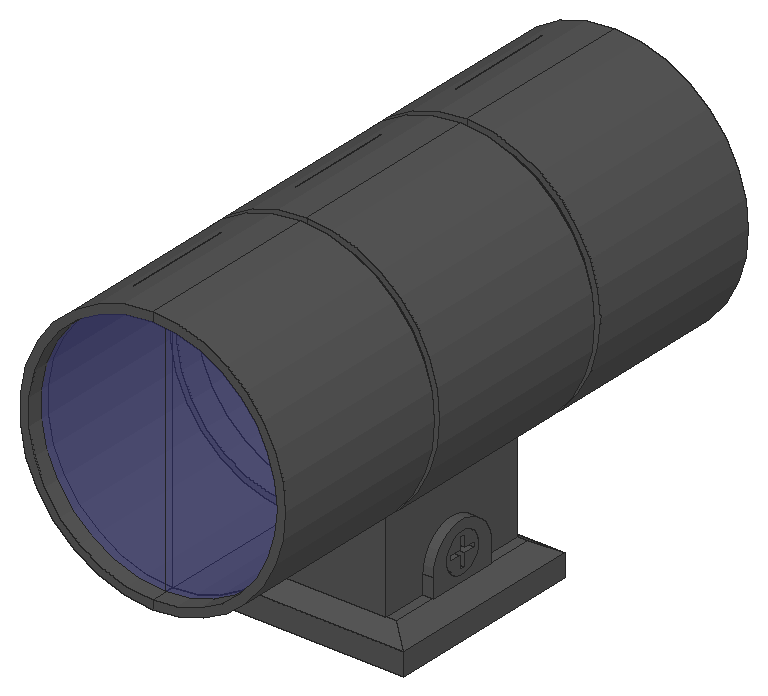
Revit family "CARLO CYLINDER LIGHT WALL MOUNT", category Lighting Fixtures, host Face, Revit 2020 (continued)
Parameters (values of type "CCL6-13-35SPSW8-PC-25-WM-BK")
    9241 1.8269 \r\n 1.7366 1.6565 1.5823 1.51 1.4423 1.3814 1.3246 1.27 1.2175 1.1657 \r\n 1.1167 1.0726 1.0315 0.99206 0.95434 0.91995 0.88592 0.84892 0.81184 0.77711 \r\n 0.74288 0.7078 0.67282 0.63852 0.60469 0.57165 0.53832 0.50274 0.46776 0.43636 \r\n 0.40609 0.37511 0.34456 0.31571 0.28638 0.25312 0.22138 0.22561 0.23821 0.24044 \r\n 0.24015 0.23319 0.23691 0.27514 0.32429 0.36667 0.40848 0.46923 0.52324 0.54184 \r\n 0.55379 0.58354 0.6154 0.63836 0.66279 0.69819 0.73606 0.76971 0.80325 0.83916 \r\n 0.87561 0.91075 0.94705 0.98785 1.0286 1.064 1.0999 1.1453 1.1926 1.2358 \r\n 1.2795 1.3266 1.3758 1.4264 1.48 1.5385 1.5996 1.6595 1.7233 1.7967 \r\n 1.8743 1.9506 2.0308 2.1177 2.2127 2.3173 2.4343 2.568 2.716 2.8745 \r\n 3.0516 3.2525 3.4823 3.7469 4.0492 4.395 4.7814 5.1957 5.6729 6.2552 \r\n 6.908 7.6041 8.3627 9.2071 10.097 10.983 11.912 12.933 13.984 15.01 \r\n 16.049 17.119 18.229 19.39 20.609 21.909 23.253 24.484 25.984 28.041 \r\n 30.792 34.423 39.072 43.461 52.028 70.835 93.738 115.51 139.46 168.09 \r\n 198.59 228.7 259.27 291.04 322.12 350.77 377.16 401.06 421.97 439.6 \r\n 453.05 460.12 464.4 469.1 473.15 476.45 479.28 481.84 484.26 486.72 \r\n 489.3 492.22 495.31 498.47 501.7 505.03 508.31 511.31 514.32 517.6 \r\n 521.05 524.71 528.47 532.2 536.01 539.86 544.01 548.69 553.99 560.01 \r\n 566.95 574.95 584.23 594.91 607.47 622.29 639.86 660.55 685.15 714.42 \r\n 748.84 788.7 835.3 888.75 952.95 1034.8 1125.4 1214.4 1313.4 1431.9 \r\n 1565.5 1711.8 1873.2 2054.3 2247 2444.4 2647.7 2856 3068.2 3284.2 \r\n 3499.5 3709.9 3914.3 4110.6 4298.2 4477 4644 4795.7 4934.2 5062.1 \r\n 5175.7 5272.4 5351.9 5412.5 5456.9 5487.2 5504.8 5511.9 5509.4 5499.5 \r\n 5509.6 \r\n5444.5 5444.7 5474.6 5490.8 5497 5497.9 5488.7 5465.6 5430.3 5382.1 \r\n 5324.8 5265.1 5194.1 5103.4 4997.8 4878.7 4747.3 4606.3 4453.5 4286.9 \r\n 4108.2 3917.2 3717.6 3512.5 3303.6 3092.5 2882.3 2677.4 2475.2 2272.1 \r\n 2075.1 1889.9 1717.8 1563.2 1423.2 1294.9 1182.9 1094.7 1018 940.03 \r\n 869.65 812.71 765.3 726 693.25 665.17 641.35 620.83 603.42 588.73 \r\n 576.39 566.01 557.28 549.79 543.38 537.8 532.85 528.25 524.03 520.1 \r\n 516.5 513.38 510.39 507.19 503.98 500.94 497.84 494.38 490.9 487.69 \r\n 484.54 481.24 478.07 475.43 472.76 469.54 465.98 462.08 457.98 455.01 \r\n 449.56 437.82 421.57 401.03 376.97 349.76 320.88 292.07 262.96 233.7 \r\n 204.4 174.56 146.11 121.34 98.624 75.46 56.73 48.566 44.721 40.718 \r\n 37.374 33.897 30.642 27.632 25.078 23.36 21.99 20.552 19.211 18.011 \r\n 16.895 15.819 14.794 13.828 12.882 11.892 10.937 10.093 9.2994 8.5167 \r\n 7.7649 7.0441 6.3751 5.7859 5.2554 4.7661 4.3341 3.9793 3.6716 3.3836 \r\n 3.127 2.9069 2.7152 2.5463 2.3977 2.2662 2.1484 2.0402 1.9401 1.844 \r\n 1.755 1.6759 1.6029 1.5323 1.4662 1.4058 1.3493 1.2953 1.2431 1.1906 \r\n 1.1401 1.0935 1.0499 1.0091 0.97146 0.93919 0.90692 0.86863 0.83006 0.79613 \r\n 0.76317 0.72881 0.69406 0.65898 0.62414 0.5905 0.55692 0.52188 0.48741 0.4557 \r\n 0.42485 0.39325 0.36233 0.33413 0.30524 0.27066 0.23741 0.2426 0.25585 0.25473 \r\n 0.25251 0.25374 0.26214 0.28361 0.31605 0.3657 0.41344 0.46122 0.50196 0.52465 \r\n 0.54345 0.57105 0.60086 0.62958 0.66009 0.69535 0.73186 0.76642 0.80105 0.83694 \r\n 0.87336 0.90951 0.9468 0.98761 1.0282 1.0635 1.0996 1.1448 1.191 1.2302 \r\n 1.2699 1.316 1.3649 1.4145 1.4673 1.5263 1.5888 1.6522 1.7193 1.7932 \r\n 1.8711 1.9505 2.0341 2.1218 2.2185 2.3285 2.4532 2.5969 2.7555 2.9231 \r\n 3.1094 3.3216 3.5616 3.8291 4.1383 4.508 4.9234 5.3613 5.866 6.4905 \r\n 7.1847 7.9056 8.686 9.5622 10.481 11.38 12.319 13.362 14.432 15.449 \r\n 16.486 17.598 18.755 19.932 21.165 22.504 23.892 25.108 26.701 29.202 \r\n 32.437 36.18 41.126 46.696 56.487 75.596 98.946 122.5 148.25 177.55 \r\n 208.28 238.53 269.03 300.54 331.18 359.36 385.04 407.74 427.19 443.14 \r\n 455.07 461.24 465.1 470.08 474.47 477.4 479.81 482.38 484.89 487.25 \r\n 489.74 492.68 495.83 499.03 502.36 505.94 509.46 512.53 515.57 518.91 \r\n 522.37 525.81 529.32 532.93 536.67 540.48 544.65 549.45 554.91 560.98 \r\n 568.12 576.8 586.94 598.41 611.9 627.92 646.87 668.98 695.23 726.5 \r\n 763.35 806.29 856.32 913.4 981.09 1065 1159 1256 1363.7 1488 \r\n 1626.8 1779.8 1949 2139.8 2341.3 2543.4 2748.7 2956.4 3167 3382.5 \r\n 3596.9 3805 4006.5 4200.1 4383.9 4556 4715.8 4861.7 4995.2 5118.2 \r\n 5226.5 5316.1 5388.4 5441.9 5480.2 5506.6 5521 5523.9 5517.5 5504.2 \r\n 5509.6 \r\n5444.5 5447.7 5477.4 5494.2 5500.9 5501.7 5492.2 5469 5433.4 5384.4 \r\n 5326.1 5265.2 5192.7 5100.1 4992.2 4870.4 4736.8 4594.7 4441 4273.3 \r\n 4093.5 3900.9 3700 3494.9 3285.6 3071.1 2857.5 2651.5 2449.4 2247.6 \r\n 2052.7 1869.2 1699 1546 1408 1282.8 1174.3 1090.3 1016.5 936.92 \r\n 864.3 807.88 761.64 723.03 690.88 663.29 639.87 619.67 602.54 588.18 \r\n 576.14 566.03 557.5 550.11 543.76 538.28 533.41 528.78 524.52 520.64 \r\n 517.09 513.93 510.9 507.63 504.39 501.42 498.44 495.09 491.73 488.7 \r\n 485.72 482.5 479.4 476.88 474.38 471.49 468.2 464.18 459.91 456.95 \r\n 451.75 440.91 425.63 405.71 382.04 354.92 325.96 296.99 267.64 238.06 \r\n 208.5 178.65 150.36 126.18 103.64 79.132 58.685 49.224 44.475 40.388 \r\n 37.223 33.688 30.39 27.472 25.034 23.379 22.044 20.598 19.243 18.067 \r\n 16.977 15.902 14.872 13.906 12.96 11.969 11.01 10.154 9.3492 8.5643 \r\n 7.8108 7.0795 6.4007 5.8109 5.2826 4.7957 4.3642 4.004 3.6894 3.3957 \r\n 3.1351 2.9147 2.7242 2.5566 2.4093 2.2779 2.1601 2.0529 1.9542 1.8596 \r\n 1.7721 1.6942 1.6224 1.5536 1.489 1.429 1.3726 1.3194 1.2676 1.2149 \r\n 1.1635 1.1147 1.0689 1.0269 0.98911 0.95859 0.92773 0.88839 0.8486 0.81543 \r\n 0.7836 0.74983 0.71525 0.67949 0.64379 0.60971 0.57599 0.54147 0.50747 0.47537 \r\n 0.44389 0.41165 0.38031 0.35258 0.32397 0.28812 0.25336 0.25904 0.27242 0.26771 \r\n 0.26339 0.27266 0.28557 0.29014 0.30569 0.36217 0.41568 0.45102 0.47926 0.50679 \r\n 0.53307 0.55883 0.5867 0.62108 0.65744 0.69215 0.72692 0.76234 0.7981 0.83394 \r\n 0.8703 0.90743 0.94561 0.98615 1.0263 1.0617 1.0981 1.1428 1.1874 1.2229 \r\n 1.2589 1.3036 1.3519 1.4004 1.4527 1.512 1.5759 1.6427 1.7131 1.7871 \r\n 1.8652 1.9476 2.0344 2.1231 2.2214 2.3364 2.468 2.6204 2.7885 2.9648 \r\n 3.1603 3.3838 3.6339 3.9044 4.2199 4.6112 5.0534 5.5144 6.0458 6.7096 \r\n 7.4419 8.1842 8.9828 9.8863 10.83 11.74 12.688 13.749 14.833 15.845 \r\n 16.882 18.03 19.228 20.424 21.677 23.052 24.488 25.722 27.425 30.333 \r\n 33.996 37.76 42.971 49.942 61.108 80.252 103.63 128.52 155.69 185.5 \r\n 216.41 246.83 277.33 308.54 338.76 366.57 391.7 413.42 431.66 446.12 \r\n 456.74 462.27 465.91 471.18 475.88 478.5 480.53 483.12 485.73 488.02 \r\n 490.43 493.36 496.54 499.77 503.17 506.95 510.66 513.8 516.87 520.28 \r\n 523.73 526.96 530.22 533.72 537.39 541.16 545.34 550.25 555.86 561.98 \r\n 569.33 578.65 589.62 601.87 616.27 633.45 653.72 677.22 705.12 738.31 \r\n 777.64 824.22 878.21 939.05 1010 1095.1 1191.4 1296.2 1412.6 1542.6 \r\n 1686.9 1846.4 2022.8 2222.2 2431.4 2637.7 2844.9 3052.3 3261.6 3476.5 \r\n 3689.9 3895.5 4094 4284.9 4465 4630.6 4783.4 4924.2 5052.8 5170.9 \r\n 5273.8 5356.5 5421.7 5468.9 5501.9 5524.8 5536.4 5535.7 5525.7 5509.2 \r\n 5509.6 \r\n5444.5 5456.9 5486.3 5503.4 5510.5 5510.8 5500.6 5476.8 5440.7 5391.4 \r\n 5332.3 5269.8 5194.9 5099.4 4988.4 4863.9 4727.6 4583.2 4427.5 4257.7 \r\n 4075.8 3881.1 3678.4 3472.4 3262 3045.4 2829.8 2622.8 2420.8 2220.6 \r\n 2027.9 1846.4 1678.2 1527.3 1391.9 1271.4 1167.4 1086.3 1013.9 933.04 \r\n 858.82 803.08 758.04 720.16 688.64 661.6 638.66 618.86 602.08 588.04 \r\n 576.3 566.45 558.15 550.93 544.73 539.4 534.65 530.09 525.88 522.07 \r\n 518.57 515.38 512.29 509 505.76 502.87 499.97 496.7 493.44 490.51 \r\n 487.63 484.48 481.44 478.94 476.5 473.85 470.74 466.56 462.08 459.01 \r\n 453.93 443.75 429.23 409.74 386.34 359.32 330.34 301.27 271.7 241.72 \r\n 211.79 181.83 153.65 130.11 108.04 83.072 61.644 50.577 44.401 40.121 \r\n 37.137 33.57 30.265 27.429 25.084 23.46 22.132 20.675 19.309 18.151 \r\n 17.08 16.001 14.961 13.989 13.038 12.048 11.086 10.217 9.398 8.6091 \r\n 7.8524 7.1108 6.4223 5.83 5.3021 4.8172 4.3872 4.0244 3.7058 3.4084 \r\n 3.1448 2.9239 2.734 2.5675 2.4212 2.2897 2.1717 2.0653 1.9676 1.874 \r\n 1.7875 1.7104 1.6393 1.5714 1.5074 1.4473 1.3908 1.338 1.2869 1.2351 \r\n 1.1843 1.1347 1.088 1.0458 1.008 0.97803 0.94755 0.90776 0.86747 0.83456 \r\n 0.80313 0.76957 0.73498 0.69872 0.66249 0.62826 0.59458 0.5603 0.52641 0.49376 \r\n 0.46156 0.42877 0.39699 0.36917 0.34027 0.30315 0.26699 0.27347 0.28753 0.28063 \r\n 0.27481 0.28891 0.30402 0.29627 0.29934 0.35892 0.41515 0.44269 0.46345 0.49435 \r\n 0.52579 0.55113 0.57843 0.61649 0.65643 0.69066 0.72419 0.76016 0.79668 0.83251 \r\n 0.86881 0.90647 0.94506 0.98511 1.0247 1.0604 1.0971 1.1411 1.1846 1.2184 \r\n 1.2528 1.2968 1.3439 1.3906 1.4414 1.5008 1.5658 1.6348 1.7073 1.7813 \r\n 1.8594 1.9441 2.0334 2.1232 2.223 2.3415 2.4777 2.6349 2.8086 2.9916 \r\n 3.1948 3.4283 3.6881 3.9632 4.2852 4.6918 5.1532 5.6346 6.1891 6.8821 \r\n 7.6421 8.4006 9.2124 10.133 11.092 12.013 12.968 14.037 15.128 16.144 \r\n 17.188 18.352 19.571 20.792 22.077 23.487 24.977 26.288 28.123 31.294 \r\n 35.211 38.879 44.319 52.875 65.576 84.738 107.84 133.05 160.6 190.59 \r\n 221.65 252.3 282.93 313.9 343.77 371.4 396.28 417.51 435.06 448.51 \r\n 458.21 463.37 466.94 472.43 477.37 479.83 481.66 484.31 487.01 489.31 \r\n 491.71 494.65 497.84 501.09 504.52 508.34 512.11 515.27 518.35 521.79 \r\n 525.23 528.33 531.44 534.84 538.46 542.2 546.4 551.37 557.08 563.32 \r\n 570.89 580.71 592.32 605.24 620.43 638.56 659.94 684.69 714.08 748.94 \r\n 790.73 841.69 900.34 964.93 1038.6 1123.8 1221 1331.6 1455 1590.5 \r\n 1740.1 1905.4 2087.4 2292.6 2506.6 2716 2925.1 3133.2 3342.2 3556.8 \r\n 3769.2 3972.8 4168.6 4356.7 4533.4 4693.7 4841.2 4977.9 5102.5 5215.6 \r\n 5313.1 5389.8 5449.3 5491.9 5521.3 5541.6 5550.9 5547.6 5534.7 5515.3 \r\n 5509.6 \r\n5444.5 5472.7 5502 5519.3 5526.3 5525.8 5514.5 5489.8 5452.9 5403.7 \r\n 5344.4 5279.5 5201.4 5102.2 4987.5 4860 4720.8 4573 4413.8 4240.8 \r\n 4055.9 3858.6 3653.5 3445.5 3233.6 3016.1 2800 2592.4 2390.4 2191.9 \r\n 2001.4 1822.2 1656.4 1507.8 1375.8 1261.3 1162.8 1083 1010.3 928.54 \r\n 853.52 798.56 754.7 717.58 686.7 660.25 637.85 618.52 602.14 588.42 \r\n 576.94 567.35 559.29 552.33 546.36 541.23 536.66 532.27 528.19 524.49 \r\n 521.04 517.81 514.67 511.4 508.22 505.37 502.52 499.31 496.09 493.19 \r\n 490.33 487.23 484.21 481.65 479.15 476.61 473.56 469.2 464.49 461.23 \r\n 456.15 446.41 432.41 413.16 389.9 363.03 334.11 304.99 275.24 244.78 \r\n 214.37 184.12 155.96 133.11 111.8 87.316 65.71 52.712 44.549 39.954 \r\n 37.148 33.578 30.301 27.534 25.25 23.621 22.267 20.796 19.421 18.273 \r\n 17.212 16.123 15.067 14.082 13.122 12.133 11.171 10.286 9.4505 8.6549 \r\n 7.8931 7.1411 6.4429 5.8456 5.3157 4.832 4.4041 4.0415 3.7222 3.4231 \r\n 3.1576 2.9357 2.7455 2.5797 2.4341 2.3021 2.1837 2.0777 1.9806 1.8873 \r\n 1.8009 1.7241 1.6533 1.5852 1.5208 1.4601 1.4031 1.3504 1.3002 1.2506 \r\n 1.2021 1.1535 1.1072 1.0657 1.0283 0.9975 0.96623 0.92665 0.88668 0.85343 \r\n 0.82155 0.78777 0.753 0.71644 0.68001 0.64598 0.6125 0.57815 0.54394 0.51056 \r\n 0.47756 0.44432 0.41208 0.38354 0.35369 0.31532 0.27788 0.2856 0.30107 0.2937 \r\n 0.28714 0.30231 0.31688 0.30226 0.29814 0.35649 0.41184 0.43699 0.45609 0.48847 \r\n 0.52218 0.54873 0.57707 0.61647 0.65737 0.69126 0.72423 0.76039 0.79721 0.83309 \r\n 0.86935 0.90701 0.94544 0.98481 1.0238 1.0599 1.0969 1.1398 1.1822 1.2166 \r\n 1.2514 1.2943 1.3401 1.3851 1.4344 1.4937 1.5592 1.6292 1.7024 1.7762 \r\n 1.8542 1.9402 2.0313 2.1224 2.2236 2.344 2.4819 2.6396 2.8145 3.0017 \r\n 3.2111 3.4532 3.7221 4.0039 4.3326 4.7472 5.2195 5.7179 6.2913 7.0024 \r\n 7.7783 8.5476 9.3675 10.295 11.259 12.188 13.15 14.214 15.303 16.335 \r\n 17.395 18.552 19.77 21.024 22.355 23.797 25.346 26.8 28.786 32.059 \r\n 36.036 39.485 45.116 55.434 69.833 89.045 111.57 135.97 162.78 192.59 \r\n 223.73 254.7 285.61 316.38 346 373.66 398.62 419.87 437.32 450.3 \r\n 459.52 464.58 468.21 473.84 478.93 481.41 483.24 485.98 488.79 491.18 \r\n 493.65 496.62 499.8 503.05 506.46 510.17 513.83 516.96 520.03 523.47 \r\n 526.91 529.97 533.02 536.36 539.94 543.67 547.89 552.88 558.65 565.05 \r\n 572.88 583.03 595.06 608.52 624.35 643.2 665.45 691.26 721.98 758.22 \r\n 802.42 858.53 922.61 990.9 1066.7 1150.8 1247.2 1361.4 1490 1630.7 \r\n 1785.5 1955.6 2141.6 2349.1 2564.8 2776.2 2987.2 3197 3407.2 3621.6 \r\n 3833 4035.2 4228.8 4414 4587.3 4744.1 4887.9 5022 5143.5 5251.6 \r\n 5343.6 5415.3 5470.4 5510.6 5538.3 5556.9 5564.5 5559.5 5544.7 5522.8 \r\n 5509.6 \r\n5444.5 5493.5 5522.5 5539.7 5546.5 5544.7 5532 5505.8 5467.9 5419.1 \r\n 5359.5 5291.8 5209.6 5105.8 4986.4 4855.5 4712.9 4560.8 4397 4219.8 \r\n 4031.1 3830.7 3622.9 3412.1 3198.2 2980.6 2764.8 2556.8 2354.9 2158.3 \r\n 1970.6 1793.8 1631 1485.3 1357.2 1250.4 1158.7 1079.6 1005.5 922.93 \r\n 847.42 793.44 750.92 714.66 684.52 658.78 637.01 618.25 602.36 588.98 \r\n 577.79 568.48 560.71 554.07 548.41 543.52 539.16 535.01 531.15 527.57 \r\n 524.19 520.91 517.71 514.51 511.4 508.6 505.79 502.62 499.43 496.52 \r\n 493.64 490.59 487.6 484.9 482.27 479.77 476.74 472.14 467.12 463.51 \r\n 458.21 448.71 435.02 415.83 392.6 365.84 336.99 307.85 277.91 246.9 \r\n 215.95 185.41 157.33 135.28 115 91.738 70.543 55.341 44.746 39.758 \r\n 37.149 33.602 30.387 27.689 25.455 23.802 22.407 20.919 19.538 18.398 \r\n 17.344 16.242 15.167 14.165 13.192 12.207 11.248 10.346 9.4911 8.6885 \r\n 7.9218 7.1601 6.4527 5.8498 5.3174 4.836 4.4119 4.0518 3.7341 3.435 \r\n 3.1688 2.9463 2.7557 2.5906 2.4459 2.3135 2.1946 2.089 1.9924 1.8992 \r\n 1.8128 1.7362 1.6652 1.5965 1.5313 1.4696 1.412 1.3592 1.31 1.2636 \r\n 1.2185 1.1717 1.1268 1.0864 1.0494 1.0171 0.98427 0.94534 0.90621 0.87233 \r\n 0.83953 0.80526 0.77018 0.73347 0.69708 0.66348 0.63035 0.59577 0.56102 0.52679 \r\n 0.49292 0.45928 0.42654 0.39688 0.36569 0.32609 0.28742 0.29637 0.31332 0.30615 \r\n 0.29913 0.3135 0.32615 0.30718 0.29826 0.3531 0.40578 0.43138 0.45198 0.48534 \r\n 0.52029 0.549 0.57918 0.61877 0.65925 0.69266 0.72519 0.76135 0.79828 0.8342 \r\n 0.87041 0.90781 0.94577 0.98421 1.0225 1.0591 1.0963 1.1376 1.1785 1.214 \r\n 1.2499 1.291 1.3347 1.3796 1.4283 1.4877 1.5533 1.6235 1.6968 1.7702 \r\n 1.8479 1.9348 2.0271 2.1196 2.2222 2.3434 2.4814 2.6368 2.8104 3.0004 \r\n 3.2152 3.4652 3.7428 4.0322 4.3676 4.7857 5.2636 5.7772 6.3671 7.0895 \r\n 7.8739 8.6497 9.4733 10.399 11.362 12.298 13.264 14.317 15.399 16.453 \r\n 17.534 18.669 19.872 21.165 22.551 24.023 25.636 27.28 29.438 32.714 \r\n 36.63 39.753 45.543 57.821 74.074 93.209 114.8 137.63 162.94 192.32 \r\n 223.5 254.85 286.12 316.72 346.14 373.98 399.25 420.9 438.66 451.5 \r\n 460.56 465.79 469.65 475.39 480.57 483.18 485.14 487.99 490.91 493.45 \r\n 496.03 499.02 502.18 505.42 508.76 512.27 515.72 518.79 521.84 525.26 \r\n 528.68 531.75 534.81 538.1 541.63 545.37 549.61 554.57 560.38 566.98 \r\n 575.08 585.46 597.8 611.73 628.12 647.56 670.54 697.31 729.27 766.72 \r\n 813.34 875.26 945.39 1017.4 1095 1176.9 1271.2 1387.9 1520.7 1666.5 \r\n 1826.6 2000.9 2189.9 2397.5 2612.8 2825.4 3038.2 3250.3 3462.4 3676.8 \r\n 3887.3 4088.1 4279.8 4462 4632.1 4786 4927.3 5059.5 5178.5 5281.6 \r\n 5368.2 5435.3 5487 5526.1 5553.3 5570.8 5577.2 5571.3 5555.3 5531 \r\n 5509.6 \r\n5444.5 5519.2 5547.8 5564.9 5571.1 5567.7 5553 5524.9 5485.7 5437.4 \r\n 5377.8 5306.6 5219.5 5110.1 4985.3 4850.4 4704 4546.4 4377 4194.8 \r\n 4001.4 3797.3 3586.4 3372.2 3155.9 2938.8 2724.2 2515.9 2314.2 2119.9 \r\n 1935.2 1761.5 1601.9 1459.5 1336.3 1238.8 1155.2 1076 999.6 916.21 \r\n 840.53 787.71 746.7 711.41 682.11 657.17 636.14 618.06 602.74 589.74 \r\n 578.85 569.85 562.39 556.14 550.87 546.27 542.17 538.33 534.74 531.33 \r\n 528.02 524.69 521.43 518.31 515.32 512.56 509.77 506.64 503.46 500.5 \r\n 497.57 494.57 491.59 488.69 485.84 483.33 480.25 475.38 469.97 465.84 \r\n 460.11 450.63 437.06 417.77 394.44 367.76 339 309.85 279.73 248.1 \r\n 216.53 185.7 157.76 136.63 117.65 96.339 76.143 58.463 44.991 39.533 \r\n 37.142 33.643 30.521 27.892 25.698 24.003 22.55 21.045 19.66 18.526 \r\n 17.476 16.357 15.261 14.237 13.25 12.27 11.317 10.396 9.5198 8.7098 \r\n 7.9385 7.1677 6.4515 5.8424 5.3072 4.8292 4.4107 4.0553 3.7416 3.444 \r\n 3.1784 2.9555 2.7645 2.6004 2.4566 2.3239 2.2045 2.0992 2.003 1.9098 \r\n 1.8232 1.7465 1.6753 1.6054 1.5388 1.4759 1.4174 1.3644 1.3163 1.274 \r\n 1.2334 1.1895 1.1466 1.108 1.0715 1.0367 1.0017 0.96382 0.92607 0.89125 \r\n 0.85706 0
